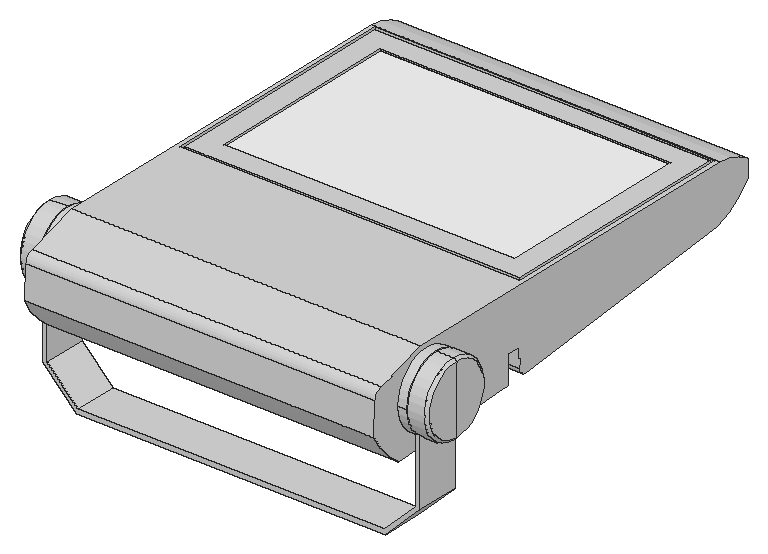
Revit family "0049109 Feilo Sylvania Lighting Fixture SYLVEO LED 8000LM NAR 3K", category Lighting Fixtures, host Face, Revit 2017
Family settings
  Host = Face
  Round Connector Dimension = Use Diameter
  Part Type = Normal
  Cut with Voids When Loaded = No
  Light Source = No
  Shared = No
  Room Calculation Point = No
Parameters (values of type "0049109 SYLVEO LED 8000LM NAR 3K")
  Weight = "9.068 kg"
  Wattage Comments = "n/a"
  WarrantyStartDate [instance] = "n/a"
  WarrantyGuarantorParts = "n/a"
  WarrantyDurationUnit = "n/a"
  WarrantyDurationParts = "n/a"
  WarrantyDescription = "n/a"
  Voltage = 230 V
  URL = "http://www.sylvania-lighting.com"
  TypeName = "SYLVEO LED 8000LM NAR 3K"
  TypeBody_FEILO = Sylveo Medium Body : 0049109 SYLVEO LED 8000LM NAR 3K
  Type Image = <None>
  Type Comments = "n/a"
  TotalWidth = 290 mm
  TiltAngle [instance] = 0.00°
  StartAngle [instance] = -TiltAngle  # 0.00°
  SerialNumber [instance] = "n/a"
  PowerFactor = 0
  PowerConsumption = "80.7 W"
  NominalWidth = 0 mm
  NominalLength = 290 mm
  NominalHeight = 333 mm
  Name = "SYLVEO LED 8000LM NAR 3K"
  ModelReference = "SYLVEO LED 8000LM NAR 3K"
  ModelNumber = "0049109"
  Model = "SYLVEO LED 8000LM NAR 3K"
  Material_4_FEILO = none
  Material_3_FEILO = none
  Material_2_FEILO = Diffuser-Sylvania-Sylveo-Glow
  Material_1_FEILO = Body-Sylvania-Sylveo-Aluminium
  Material = "aluminium housing, glass diffuser"
  ManufacturerName = "Feilo Sylvania"
  Manufacturer = "Feilo Sylvania"
  LuminousEfficacy = "103.3 lm/W"
  LuminaireType = ""
  LightOutputRatio = "100"
  LampsType = Lamp  # "LED"
  LampNominalLuminous = "8336 lm"
  LampMacAdamStep = "6"
  LampColourTemperature = "3000 K"
  LampColourRenderingIndex = "70"
  Lamp = "LED"
  Keynote = "16500"
  InstallationDate [instance] = "n/a"
  InputVoltage = "100-240V~"
  InputNominalFrequency = "50 Hz"
  IngressProtection = "IP66"
  ImpactProtectionIndex = "IK08"
  IfcExportType = "IfcLightFixtureType"
  IfcExportAs = "IfcLightFixtureType"
  HingeHeight = 90 mm
  HingeDia = 52 mm
  ExpectedLife = 50000
  EndAngle [instance] = StartAngle + 180.00°  # 180.00°
  ElectricShockClassification = "Class I"
  DurationUnit = "hours"
  DocumentationLiterature = "http://www.sylvania-lighting.com/product/en-int/products/0049109"
  DimmingControlOptions = "Non dimmable"
  Description = "Exterior LED Floodlight, comes complete with a 1000mm cable and adjustable bracket, aluminium housing, clear glass diffuser, IP66, IK08, Class I, 3000K, Non-dimming, 8336lm, 81W, 103lm/W, 2400mA, CRI70, 30° beam angle, 50000hrs, (LxWxD) 66x290x333mm"
  Default Elevation = 1219.2 mm
  CreatedOn = "12/18/2017"
  CreatedBy = ""
  Cost = 0
  built-in parameter 1114216 [instance] = (empty or 0)
  ClassificationValue = "EF_70_80"
  ClassificationName = "Uniclass2015"
  Calculate Coefficient of Utilization = no
  BracketWidth = 37 mm
  BracketThickness = 3 mm
  BracketInnerWidth = 261.3 mm
  BracketFold = 25 mm
  BracketExtrusionStart = -BracketWidth / 2  # -18.5 mm
  BracketExtrusionEnd = BracketWidth / 2  # 18.5 mm
  BarCode [instance] = "n/a"
  AssetType = "Fixed"
  AssetIdentifier [instance] = "n/a"
  Assembly Code = "D5020200"
  Apparent Load = 80.7 VA
Reference planes
  plane 1 "Center (Front/Back)": y = 0
  plane 2: z = 0
  plane 3 "Center (Left/Right)": x = 0
  plane 4: x = 130.65
  plane 5: x = -130.65
  plane 6: z = 90
  plane 7: x = 145
  plane 8: x = -145
  plane 9: z = 116
  plane 10: z = 64
  plane 11: x = 143
  plane 12: x = -143
  plane 13: x = 133.65
  plane 14: x = -133.65
  plane 15: z = 3
  plane 16: z = 25
  plane 17: x = 108.65
  plane 18: x = -108.65
  plane 19: z = 66
Forms (mm)
  Extrusion 1, solid, material "Body-Sylvania-Sylveo-Aluminium" <- "Material_1_FEILO"
    sketch origin (0, 0, 0) x (1, 0, 0) y (0, 0, 1)
      loop
        line (0, 3) -> (0, 0) -> (109.478, 0) -> (133.65, 24.172) -> (133.65, 90) -> (130.65, 90) -> (130.65, 25) -> (108.65, 3) -> (0, 3)
    from -12.5 to 18.5 <- "BracketExtrusionEnd"
  Extrusion 2, solid, material "Body-Sylvania-Sylveo-Aluminium" <- "Material_1_FEILO"
    sketch origin (0, 0, 0) x (-1, 0, 0) y (0, 0, -1)
      loop
        line (0, -3) -> (108.65, -3) -> (130.65, -25) -> (130.65, -90) -> (133.65, -90) -> (133.65, -24.172) -> (109.478, 0) -> (0, 0) -> (0, -3)
    from -12.5 to 18.5 <- "BracketExtrusionEnd"
  Revolve 3, solid, material "Body-Sylvania-Sylveo-Aluminium" <- "Material_1_FEILO"
    sketch origin (0, 0, 0) x (1, 0, 0) y (0, 0, 1)
      loop
        line (-130.65, 90) -> (-145, 90) -> (-145, 66) -> (-143, 64) -> (-130.65, 64) -> (-130.65, 90)
      axis (-130.65, 90) -> (-145, 90)
    angle from 0 to 360
  Revolve 4, solid, material "Body-Sylvania-Sylveo-Aluminium" <- "Material_1_FEILO"
    sketch origin (0, 0, 0) x (-1, 0, 0) y (0, 0, 1)
      loop
        line (-130.65, 90) -> (-145, 90) -> (-145, 66) -> (-143, 64) -> (-130.65, 64) -> (-130.65, 90)
      axis (-130.65, 90) -> (-145, 90)
    angle from 0 to 360
  Revolve 5, solid, not visible
    sketch origin (181.107, 0, 90) x (1, 0, 0) y (0, 1, 0)
      loop
        line (-191.101, 0) -> (-171.112, 0) -> (-171.112, 10) -> (-191.101, 10) -> (-191.101, 0)
      axis (-171.112, 0) -> (-191.101, 0)
    angle from 0 <- "StartAngle" to 180 <- "EndAngle"
Cuts and joins
  joined: Extrusion 1, Extrusion 2, Revolve 3, Revolve 4
Dimensions and locks
  equal spacing: plane 5, plane 3 "Center (Left/Right)", plane 4
  "BracketInnerWidth": plane 5 to plane 4
  equal spacing: plane 7, plane 3 "Center (Left/Right)", plane 8
  "TotalWidth": plane 7 to plane 8
  "HingeHeight": plane 2 to plane 6
  equal spacing: plane 10, plane 6, plane 9
  "HingeDia": plane 10 to plane 9
  equal spacing: plane 11, plane 3 "Center (Left/Right)", plane 12
  equal spacing: plane 13, plane 3 "Center (Left/Right)", plane 14
  "BracketFold": plane 2 to plane 16
  "BracketThickness": plane 2 to plane 15
  equal spacing: plane 17, plane 3 "Center (Left/Right)", plane 18
  locked: plane 19 to plane 10 at 2
  locked: Revolve 5 sketch curve to Revolve 5 sketch curve at 10
  equal spacing: Revolve 5 sketch curve, plane 3 "Center (Left/Right)", Revolve 5 sketch curve
  locked: Revolve 5 sketch curve to Revolve 5 sketch curve at 19.988
  locked: plane 7 to plane 11 at 2
  "BracketFold": plane 13 to plane 17
  "BracketThickness": plane 4 to plane 13
  aligned and locked: plane 2 to host face
  aligned and locked: level to host face
  aligned and locked: Revolve 3 sketch curve to plane 10
  aligned and locked: Revolve 3 sketch curve to plane 8
  aligned and locked: plane 5 to Revolve 3 sketch curve
  aligned and locked: Revolve 3 sketch curve to plane 6  (x2)
  aligned and locked: Revolve 5 sketch curve to plane 1 "Center (Front/Back)"
  aligned and locked: plane 3 "Center (Left/Right)" to nested 1
Automatic sketch dimensions
  host sketch curve to host sketch curve = 2438.4 mm  (x2)
  Extrusion 1 sketch curve to plane 3 "Center (Left/Right)" = 0 mm  (x2)
  Extrusion 1 sketch curve to level = 0 mm  (x2)
  Extrusion 1 sketch curve to plane 15 = 0 mm
  Extrusion 1 sketch curve to plane 17 = 0 mm
  plane 4 to Extrusion 1 sketch curve = 0 mm
  Extrusion 1 sketch curve to plane 13 = 0 mm  (x2)
  Extrusion 1 sketch curve to plane 6 = 0 mm  (x2)
  Extrusion 1 sketch curve to plane 16 = 0 mm
  plane 17 to Extrusion 1 sketch curve = 0.828 mm
  Extrusion 1 sketch curve to plane 16 = 0.828 mm
  Extrusion 2 sketch curve to plane 3 "Center (Left/Right)" = 0 mm  (x2)
  Extrusion 2 sketch curve to level = 0 mm  (x2)
  Extrusion 2 sketch curve to plane 15 = 0 mm
  plane 18 to Extrusion 2 sketch curve = 0 mm
  plane 5 to Extrusion 2 sketch curve = 0 mm
  plane 14 to Extrusion 2 sketch curve = 0 mm  (x2)
  Extrusion 2 sketch curve to plane 6 = 0 mm  (x2)
  Extrusion 2 sketch curve to plane 16 = 0 mm
  Extrusion 2 sketch curve to plane 18 = 0.828 mm
  plane 16 to Extrusion 2 sketch curve = 0.828 mm
  plane 12 to Revolve 3 sketch curve = 0 mm
  Revolve 3 sketch curve to plane 19 = 0 mm
  plane 8 to Revolve 3 sketch curve = 77.715 mm
  plane 7 to Revolve 3 sketch curve = 78.607 mm
  Revolve 4 sketch curve to plane 6 = 0 mm  (x2)
  Revolve 4 sketch curve to plane 7 = 0 mm
  Revolve 4 sketch curve to plane 10 = 0 mm
  Revolve 4 sketch curve to plane 11 = 0 mm
  plane 4 to Revolve 4 sketch curve = 0 mm
  Revolve 4 sketch curve to plane 19 = 0 mm
  Revolve 4 sketch curve to Revolve 4 sketch curve = 77.715 mm
  Revolve 4 sketch curve to plane 8 = 78.607 mm
  plane 1 "Center (Front/Back)" to Revolve 5 sketch curve = 0 mm
  plane 8 to Revolve 5 sketch curve = 1421.5 mm
  plane 7 to Revolve 5 sketch curve = 1421.5 mm
Nested families
  nested 1: "Sylveo Medium Body" at (0, -47.297, 90), type <- "TypeBody_FEILO", type "0049109 SYLVEO LED 8000LM NAR 3K"
Connectors
  electrical at (0, 0, 0), driven by "Apparent Load", driven by "Voltage", driven by "PowerFactor"
    settings: index 1, voltage 230 V, apparent load 80.7 VA, apparent load phase1 0 VA, apparent load phase2 0 VA, apparent load phase3 0 VA, power factor 0, load classification "Lighting", number of poles 1, system type 30, power factor state 1, is connector primary yes, connector utility no, sub classification motor no, connector description ""
Definition of nested family "Sylveo Medium Body"
  Parameters (values of type "0049141 SYLVEO LED 8000LM RASYM 4K DALI ")
    Wattage = 80 W
    built-in parameter 1150110 = 1 (stored number, unit not read)
    URL = "http://www.feilosylvania.com"
    Type Comments = "n/a"
    built-in parameter 1114217 = 1 (stored number, unit not read)
    Tilt Angle = -90.00°
    built-in parameter 1150109 = 1 (stored number, unit not read)
    built-in parameter 1150134 = 12
    built-in parameter 1150113 = 1 (stored number, unit not read)
    Photometric Web File = "0049141.ies"
    Model = "SYLVEO LED 8000LM RASYM 4K DALI"
    Material_4_FEILO = none
    Material_3_FEILO = none
    Material_2_FEILO = none
    Material_1_FEILO = none
    Manufacturer = "Feilo Sylvania"
    built-in parameter 1150105 = 4415 (stored number, unit not read)
    Lumens = 8544 lm
    built-in parameter 1150115 = 1 (stored number, unit not read)
    built-in parameter 1150137 = (empty or 0)
    built-in parameter 1150139 = (empty or 0)
    built-in parameter 1150112 = 1 (stored number, unit not read)
    built-in parameter 1150114 = 1 (stored number, unit not read)
    Lamp = "LED"
    Keynote = "16500"
    built-in parameter 1150132 = (empty or 0)
    built-in parameter 1150102 = (empty or 0)
    built-in parameter 1150107 = 4000 (stored number, unit not read)
    built-in parameter 1150138 = (empty or 0)
    built-in parameter 1150106 = 44.15 (stored number, unit not read)
    Emit from Rectangle Width = 138.8 mm
    Emit from Rectangle Length = 206.3 mm
    Emit Shape Visible in Rendering = no
    built-in parameter 1150104 = 9.922 (stored number, unit not read)
    Dimming Lamp Color Temperature Shift = (empty or 0)
    Description = "Exterior LED floodlight, comes complete with a 1000mm cable and adjustable bracket, aluminium housing, clear glass diffuser, 8542lm, 80W, 106lm/W, 4000K, 2280mA, CRI70, 52°x117° beam angle, DALI dimmable, IP66, IK08, Class I, 50000hrs, (LxWxD) 66x290x333mm"
    Default Elevation = 1219.2 mm
    Cost = 0
    Color Filter = 16777215
    built-in parameter 1114218 = 1 (stored number, unit not read)
    built-in parameter 1150133 = 10 (stored number, unit not read)
    Assembly Code = "D5020200"
    Apparent Load = 80 VA
  Types (9, lengths in mm): name | Wattage | built-in parameter 1150134 | Photometric Web File | Model | built-in parameter 1150105 | Lumens | built-in parameter 1150107 | built-in parameter 1150106 | built-in parameter 1150104 | Description | Apparent Load
    0049141 SYLVEO LED 8000LM RASYM 4K DALI | 80 W | 12 | "0049141.ies" | "SYLVEO LED 8000LM RASYM 4K DALI" | 4415 (stored number, unit not read) | 8544 lm | 4000 (stored number, unit not read) | 44.15 (stored number, unit not read) | 9.922 (stored number, unit not read) | "Exterior LED floodlight, comes complete with a 1000mm cable and adjustable bracket, aluminium housing, clear glass diffuser, 8542lm, 80W, 106lm/W, 4000K, 2280mA, CRI70, 52°x117° beam angle, DALI dimmable, IP66, IK08, Class I, 50000hrs, (LxWxD) 66x290x333mm" | 80 VA
    0049140 SYLVEO LED 8000LM WIDE 4K DALI | 81 W | 12 | "0049140.ies" | "SYLVEO LED 8000LM WIDE 4K DALI" | 10450.4 (stored number, unit not read) | 8537.4 lm | 4000 (stored number, unit not read) | 104.5 (stored number, unit not read) | 9.792 (stored number, unit not read) | "Exterior LED floodlight, comes complete with a 1000mm cable and adjustable bracket, aluminium housing, clear glass diffuser, 8541lm, 81W, 105lm/W, 4000K, 2280mA, CRI70, 52° beam angle, DALI dimmable, IP66, IK08, Class I, 50000hrs, (LxWxD) 66x290x333mm" | 81 VA
    0049139 SYLVEO LED 8000LM NAR 4K DALI | 81 W | 12 | "0049139.ies" | "SYLVEO LED 8000LM NAR 4K DALI" | 20285.7 (stored number, unit not read) | 8723.7 lm | 4000 (stored number, unit not read) | 202.86 (stored number, unit not read) | 10.006 (stored number, unit not read) | "Exterior LED floodlight, comes complete with a 1000mm cable and adjustable bracket, aluminium housing, clear glass diffuser, 8721lm, 81, 107lm/W, 4000K, 2280mA, CRI70, 30° beam angle, DALI dimmable, IP66, IK08, Class I, 50000hrs, (LxWxD) 66x290x333mm" | 81 VA
    0049111 SYLVEO LED 8000LM RASYM 3K | 81.5 W | (empty or 0) | "0049111.ies" | "SYLVEO LED 8000LM RASYM 3K" | 4290.9 (stored number, unit not read) | 8304.85 lm | 3000 (stored number, unit not read) | 42.909 (stored number, unit not read) | 9.4668 (stored number, unit not read) | "Exterior LED Floodlight, comes complete with a 1000mm cable and adjustable bracket, aluminium housing, clear glass diffuser, IP66, IK08, Class I, 3000K, Non-dimming, 8305lm, 82W, 102lm/W, 2400mA, CRI70, 52°x117° beam angle, 50000hrs, (LxWxD) 66x290x333mm" | 81.5 VA
    0049110 SYLVEO LED 8000LM WIDE 3K | 81.5 W | (empty or 0) | "0049110.ies" | "SYLVEO LED 8000LM WIDE 3K" | 9790.8 (stored number, unit not read) | 8353.75 lm | 3000 (stored number, unit not read) | 97.908 (stored number, unit not read) | 9.5226 (stored number, unit not read) | "Exterior LED Floodlight, comes complete with a 1000mm cable and adjustable bracket, aluminium housing, clear glass diffuser, IP66, IK08, Class I, 3000K, Non-dimming, 8354lm, 82W, 103lm/W, 2400mA, CRI70, 52° beam angle, 50000hrs, (LxWxD) 66x290x333mm" | 81.5 VA
    0049109 SYLVEO LED 8000LM NAR 3K | 80.7 W | (empty or 0) | "0049109.ies" | "SYLVEO LED 8000LM NAR 3K" | 19830.2 (stored number, unit not read) | 8336.31 lm | 3000 (stored number, unit not read) | 198.3 (stored number, unit not read) | 9.5969 (stored number, unit not read) | "Exterior LED Floodlight, comes complete with a 1000mm cable and adjustable bracket, aluminium housing, clear glass diffuser, IP66, IK08, Class I, 3000K, Non-dimming, 8336lm, 81W, 103lm/W, 2400mA, CRI70, 30° beam angle, 50000hrs, (LxWxD) 66x290x333mm" | 80.7 VA
    0049108 SYLVEO LED 8000LM RASYM 4K | 82.2 W | 12 | "0049108.ies" | "SYLVEO LED 8000LM RASYM 4K" | 4540.1 (stored number, unit not read) | 8787.18 lm | 4000 (stored number, unit not read) | 45.401 (stored number, unit not read) | 9.9313 (stored number, unit not read) | "Exterior LED Floodlight, comes complete with a 1000mm cable and adjustable bracket, aluminium housing, clear glass diffuser, IP66, IK08, Class I, 4000K, Non-dimming, 8787lm, 82W, 107lm/W, 2400mA, CRI70, 52°x117° beam angle, 50000hrs, (LxWxD) 66x290x333mm" | 82.2 VA
    0049107 SYLVEO LED 8000LM WIDE 4K | 82.2 W | 12 | "0049107.ies" | "SYLVEO LED 8000LM WIDE 4K" | 11015.4 (stored number, unit not read) | 8729.64 lm | 4000 (stored number, unit not read) | 110.15 (stored number, unit not read) | 9.8663 (stored number, unit not read) | "Exterior LED Floodlight, comes complete with a 1000mm cable and adjustable bracket, aluminium housing, clear glass diffuser, IP66, IK08, Class I, 4000K, Non-dimming, 8730lm, 82W, 106lm/W, 2400mA, CRI70, 52° beam angle, 50000hrs, (LxWxD) 66x290x333mm" | 82.2 VA
    0049106 SYLVEO LED 8000LM NAR 4K | 80.1 W | 12 | "0049106.ies" | "SYLVEO LED 8000LM NAR 4K" | 21168.1 (stored number, unit not read) | 8554.68 lm | 4000 (stored number, unit not read) | 211.68 (stored number, unit not read) | 9.922 (stored number, unit not read) | "Exterior LED Floodlight, comes complete with a 1000mm cable and adjustable bracket, aluminium housing, clear glass diffuser, IP66, IK08, Class I, 4000K, Non-dimming, 8555lm, 80W, 107lm/W, 2400mA, CRI70, 30° beam angle, 50000hrs, (LxWxD) 66x290x333mm" | 80.1 VA
  Reference planes
    plane 1 "Center (Front/Back)": y = 0
    plane 2: z = 0
    plane 3 "Center (Left/Right)": x = 0
    plane 4: y = 333
    plane 5: y = 47.297
    plane 6: y = 73.469
    plane 7: y = 21.125
    plane 8: x = -130.625
    plane 9: x = 130.625
    plane 10: y = 304.814
    plane 11: y = 135.969
    plane 12: y = 289.814
    plane 13: y = 150.969
    plane 14: x = 103.125
    plane 15: x = -103.125
    plane 16: x = -123.75
    plane 17: x = 123.75
    plane 18: x = -118.594
    plane 19: x = 118.594
    plane 20: y = 322.719
    plane 21: y = 119.719
    plane 22: z = 29.125
    plane 23: z = -36.875
    plane 24: x = -120.75
    plane 25: x = 120.75
    plane 26: y = 306.814
    plane 27: y = 133.969
    plane 28: y = 220.391
  Forms (mm)
    Extrusion 1, solid
      sketch origin (-0.8, 0, 0) x (1, 0, 0) y (0, 1, 0)
        loop
          line (-1219.2, 1219.2) -> (-1219.2, -1219.2) -> (1219.2, -1219.2) -> (1219.2, 1219.2) -> (-1219.2, 1219.2)
      from 0 to -304.8
    Extrusion 2, solid, material <- "Material_1_FEILO"
      sketch origin (0, 0, 0) x (0, 1, 0) y (0, 0, 1)
        loop
          circle (47.297, 0) r 26.026
      from 130.625 to -130.625
    Extrusion 3, solid, material <- "Material_1_FEILO"
      sketch origin (0, 0, 0) x (1, 0, 0) y (0, 1, 0)
        loop
          line (-123.75, 333) -> (-123.75, 0) -> (123.75, 0) -> (123.75, 333) -> (-123.75, 333)
      from 29.125 to -36.875
    Extrusion 4, void, detail levels medium+fine
      sketch origin (0, 0, 0) x (0, 1, 0) y (0, 0, 1)
        loop
          line (42.297, 29.125) -> (0, 29.125) -> (0, -36.875) -> (333, -36.875) -> (333, 29.125) -> (308.414, 29.125)
          arc (308.414, 29.125) -> (320.149, 26.569) -> (330.963, 21.346) r 51.141
          arc (330.963, 21.346) -> (332.019, 20.218) -> (332.403, 18.722) r 3.112
          line (332.403, 18.722) -> (332.403, 7.346)
          arc (332.403, 7.346) -> (319.575, -3.301) -> (304.814, -11.047) r 79.724
          line (304.814, -11.047) -> (135.202, -28.874)
          arc (135.202, -28.874) -> (131.465, -27.731) -> (129.692, -24.25) r 5
          line (129.692, -24.25) -> (128.705, -10.138) -> (119.719, -10.138) -> (119.719, -28.285)
          arc (119.719, -28.285) -> (119.184, -29.635) -> (117.869, -30.252) r 1.971
          line (117.869, -30.252) -> (22.334, -36.171)
          arc (22.334, -36.171) -> (9.868, -24.998) -> (0.544, -11.095) r 67.339
          line (0.544, -11.095) -> (1.881, 11.454)
          arc (1.881, 11.454) -> (3.538, 15.816) -> (7.388, 18.452) r 7.801
          line (7.388, 18.452) -> (42.297, 29.125)
      from 123.75 to -123.75
    Extrusion 5, void
      sketch origin (0, -66.866, 29.125) x (1, 0, 0) y (0, -1, 0)
        loop
          line (-120.75, -373.679) -> (120.75, -373.679) -> (120.75, -200.834) -> (-120.75, -200.834) -> (-120.75, -373.679)
      from 0 to 4
    Extrusion 6, solid, material <- "Material_1_FEILO"
      sketch origin (0, -66.866, 29.125) x (0, -1, 0) y (1, 0, 0)
        loop
          line (-371.679, -118.594) -> (-202.834, -118.594) -> (-202.834, 118.594) -> (-371.679, 118.594) -> (-371.679, -118.594)
        loop
          line (-356.679, -103.125) -> (-217.834, -103.125) -> (-217.834, 103.125) -> (-356.679, 103.125) -> (-356.679, -103.125)
      from 0 to -4
    Extrusion 7, solid, material <- "Material_1_FEILO"
      sketch origin (0, -66.866, 29.125) x (0, -1, 0) y (1, 0, 0)
        loop
          line (-356.679, -103.125) -> (-217.834, -103.125) -> (-217.834, 103.125) -> (-356.679, 103.125) -> (-356.679, -103.125)
      from -3 to -4
    Extrusion 8, solid, material <- "Material_2_FEILO"
      sketch origin (0, -66.866, 29.125) x (0, -1, 0) y (1, 0, 0)
        loop
          line (-217.834, -103.125) -> (-217.834, 103.125) -> (-356.679, 103.125) -> (-356.679, -103.125) -> (-217.834, -103.125)
      from -1 to -2
  Cuts and joins
    Extrusion 4, Extrusion 5 cuts Extrusion 2
    Extrusion 4, Extrusion 5 cuts Extrusion 3
    joined: Extrusion 2, Extrusion 3
    joined: Extrusion 6, Extrusion 7
  Dimensions and locks
    equal spacing: plane 6, plane 5, plane 7
    locked: plane 5 to plane 1 "Center (Front/Back)" at 47.297
    equal spacing: plane 8, plane 3 "Center (Left/Right)", plane 9
    locked: plane 8 to plane 9 at 261.25
    equal spacing: plane 16, plane 3 "Center (Left/Right)", plane 17
    equal spacing: plane 18, plane 3 "Center (Left/Right)", plane 19
    locked: plane 20 to plane 21 at 203
    locked: plane 16 to plane 17 at 247.5
    locked: plane 23 to plane 22 at 66
    locked: plane 22 to plane 2 at 29.125
    locked: plane 18 to plane 19 at 237.187
    locked: plane 15 to plane 14 at 206.25
    locked: plane 1 "Center (Front/Back)" to plane 4 at 333
    locked: plane 4 to plane 20 at 10.281
    locked: plane 10 to plane 11 at 168.845
    locked: plane 1 "Center (Front/Back)" to plane 11 at 135.969
    locked: plane 12 to plane 13 at 138.845
    locked: plane 1 "Center (Front/Back)" to plane 13 at 150.969
    locked: plane 16 to plane 24 at 3
    equal spacing: plane 24, plane 3 "Center (Left/Right)", plane 25
    locked: plane 26 to plane 10 at 2
    locked: plane 11 to plane 27 at 2
    equal spacing: plane 12, plane 28, plane 13, locked at 69.422 each
    aligned and locked: plane 2 to Extrusion 1
    aligned and locked: level to Extrusion 1
    aligned and locked: Extrusion 2 to plane 9
    aligned and locked: plane 8 to Extrusion 2
    aligned and locked: plane 4 to Extrusion 3 sketch curve
    aligned and locked: plane 16 to Extrusion 3 sketch curve
    aligned and locked: Extrusion 3 sketch curve to plane 1 "Center (Front/Back)"
    aligned and locked: plane 17 to Extrusion 3 sketch curve
    aligned and locked: plane 22 to Extrusion 3
    aligned and locked: plane 23 to Extrusion 3
    aligned and locked: Extrusion 4 to plane 16
    aligned and locked: Extrusion 4 to plane 17
    aligned and locked: Extrusion 5 sketch curve to plane 26
    aligned and locked: plane 24 to Extrusion 5 sketch curve
    aligned and locked: plane 27 to Extrusion 5 sketch curve
    aligned and locked: plane 25 to Extrusion 5 sketch curve
    aligned and locked: Extrusion 6 sketch curve to plane 10
    aligned and locked: plane 18 to Extrusion 6 sketch curve
    aligned and locked: plane 11 to Extrusion 6 sketch curve
    aligned and locked: plane 19 to Extrusion 6 sketch curve
    aligned and locked: Extrusion 6 sketch curve to plane 12
    aligned and locked: Extrusion 6 sketch curve to plane 15
    aligned and locked: plane 13 to Extrusion 6 sketch curve
    aligned and locked: Extrusion 6 sketch curve to plane 14
    aligned and locked: Extrusion 7 sketch curve to Extrusion 6  (x4)
    aligned and locked: cut or joined group of Extrusion 2, Extrusion 3, Extrusion 4, Extrusion 5 to Extrusion 7
    aligned and locked: Extrusion 8 sketch curve to Extrusion 6  (x4)
    aligned and locked: imposter light to plane 3 "Center (Left/Right)"
    aligned and locked: imposter light to plane 22
  Automatic sketch dimensions
    Extrusion 1 sketch curve to Extrusion 1 sketch curve = 2438.4 mm  (x2)
    Extrusion 2 sketch curve to level = 0 mm
    Extrusion 2 sketch curve to plane 5 = 0 mm
    Extrusion 4 sketch curve to plane 1 "Center (Front/Back)" = 0 mm
    Extrusion 4 sketch curve to plane 22 = 0 mm  (x2)
    Extrusion 4 sketch curve to plane 21 = 0 mm
    Extrusion 4 sketch curve to plane 10 = 0 mm
    Extrusion 4 sketch curve to plane 4 = 0 mm
    plane 23 to Extrusion 4 sketch curve = 0 mm
    Extrusion 4 sketch curve to plane 1 "Center (Front/Back)" = 0.544 mm
    Extrusion 4 sketch curve to plane 1 "Center (Front/Back)" = 1.881 mm
    Extrusion 4 sketch curve to plane 1 "Center (Front/Back)" = 7.388 mm
    Extrusion 4 sketch curve to Extrusion 4 sketch curve = 2.281 mm
    plane 7 to Extrusion 4 sketch curve = 1.209 mm
    Extrusion 4 sketch curve to plane 5 = 5 mm
    Extrusion 4 sketch curve to plane 6 = 12.772 mm
    Extrusion 4 sketch curve to plane 21 = 1.971 mm
    Extrusion 4 sketch curve to plane 21 = 1.849 mm
    Extrusion 4 sketch curve to plane 11 = 7.264 mm
    Extrusion 4 sketch curve to plane 11 = 6.277 mm
    Extrusion 4 sketch curve to plane 11 = 1.289 mm
    Extrusion 4 sketch curve to plane 11 = 0.767 mm
    Extrusion 4 sketch curve to plane 12 = 14.463 mm
    Extrusion 4 sketch curve to plane 10 = 1.343 mm
    plane 4 to Extrusion 4 sketch curve = 3.71 mm
    plane 4 to Extrusion 4 sketch curve = 0.597 mm
    Extrusion 4 sketch curve to plane 23 = 0.704 mm
    Extrusion 4 sketch curve to plane 23 = 6.623 mm
    Extrusion 4 sketch curve to plane 23 = 8.001 mm
    Extrusion 4 sketch curve to Extrusion 4 sketch curve = 4.624 mm
    Extrusion 4 sketch curve to plane 23 = 15.098 mm
    Extrusion 4 sketch curve to level = 11.095 mm
    Extrusion 4 sketch curve to Extrusion 4 sketch curve = 10.73 mm
    Extrusion 4 sketch curve to level = 10.138 mm
    level to Extrusion 4 sketch curve = 7.346 mm
    level to Extrusion 4 sketch curve = 10.992 mm
    Extrusion 4 sketch curve to Extrusion 4 sketch curve = 0.462 mm
    Extrusion 4 sketch curve to plane 22 = 10.403 mm
    plane 10 to Extrusion 4 sketch curve = 3.6 mm
    radius of Extrusion 2 sketch curve = 26.026 mm
